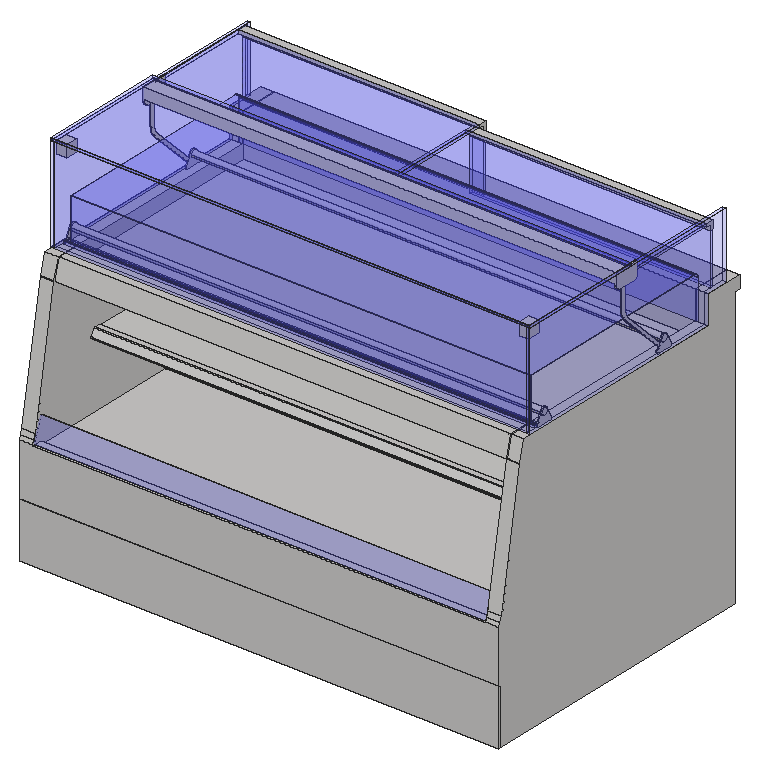
Revit family "Food-Service-Equipment_Oscartek_Gem_Combi-1500Rt_cat", category Specialty Equipment, Revit 2026 (continued)
Automatic sketch dimensions
  Split face 175 sketch curve to Split face 175 sketch curve = 0.8706"
  Split face 175 sketch curve to Split face 175 sketch curve = 0.38203"
  Split face 175 sketch curve to Split face 175 sketch curve = 0.01937"
  Split face 176 sketch curve to Extrusion 33 = 2.4422"
  Split face 176 sketch curve to Split face 176 sketch curve = 0"
  Split face 176 sketch curve to Split face 176 sketch curve = 0.05555"
  Split face 176 sketch curve to Split face 176 sketch curve = 0.09841"  (x2)
  Split face 176 sketch curve to Split face 176 sketch curve = 0.06735"  (x2)
  Split face 176 sketch curve to Split face 176 sketch curve = 0.33675"  (x2)
  Split face 176 sketch curve to Split face 176 sketch curve = 0.01365"
  Split face 176 sketch curve to Extrusion 33 = 23.828"
  Split face 176 sketch curve to Split face 176 sketch curve = 0.05071"
  Split face 176 sketch curve to Split face 176 sketch curve = 0.4014"
  Split face 176 sketch curve to Split face 176 sketch curve = 0.8706"
  Split face 176 sketch curve to Split face 176 sketch curve = 0.38203"
  Split face 176 sketch curve to Split face 176 sketch curve = 0.01937"
  Split face 177 sketch curve to Extrusion 33 = 0.4422"  (x2)
  Split face 177 sketch curve to Extrusion 33 = 0.49775"
  Split face 177 sketch curve to Split face 177 sketch curve = 0.09841"  (x2)
  Split face 177 sketch curve to Split face 177 sketch curve = 0.06735"  (x2)
  Split face 177 sketch curve to Split face 177 sketch curve = 0.33675"  (x2)
  Split face 177 sketch curve to Split face 177 sketch curve = 0.01365"
  Split face 177 sketch curve to Extrusion 33 = 23.828"
  Split face 177 sketch curve to Split face 177 sketch curve = 0.05071"
  Split face 177 sketch curve to Split face 177 sketch curve = 0.4014"
  Split face 177 sketch curve to Split face 177 sketch curve = 0.8706"
  Split face 177 sketch curve to Split face 177 sketch curve = 0.38203"
  Split face 177 sketch curve to Split face 177 sketch curve = 0.01937"
  Split face 178 sketch curve to Extrusion 2 = 9.28595"
  Split face 178 sketch curve to Split face 178 sketch curve = 0"
  Split face 178 sketch curve to Split face 178 sketch curve = 0.05555"
  Split face 178 sketch curve to Split face 178 sketch curve = 0.09841"  (x2)
  Split face 178 sketch curve to Split face 178 sketch curve = 0.06735"  (x2)
  Split face 178 sketch curve to Split face 178 sketch curve = 0.33675"  (x2)
  Split face 178 sketch curve to Split face 178 sketch curve = 0.01365"
  Split face 178 sketch curve to Extrusion 2 = 10.44618"
  Split face 178 sketch curve to Split face 178 sketch curve = 0.05071"
  Split face 178 sketch curve to Split face 178 sketch curve = 0.4014"
  Split face 178 sketch curve to Split face 178 sketch curve = 0.8706"
  Split face 178 sketch curve to Split face 178 sketch curve = 0.38203"
  Split face 178 sketch curve to Split face 178 sketch curve = 0.01937"
  Split face 179 sketch curve to Extrusion 2 = 8.28595"
  Split face 179 sketch curve to Split face 179 sketch curve = 0"
  Split face 179 sketch curve to Split face 179 sketch curve = 0.05555"
  Split face 179 sketch curve to Split face 179 sketch curve = 0.09841"  (x2)
  Split face 179 sketch curve to Split face 179 sketch curve = 0.06735"  (x2)
  Split face 179 sketch curve to Split face 179 sketch curve = 0.33675"  (x2)
  Split face 179 sketch curve to Split face 179 sketch curve = 0.01365"
  Split face 179 sketch curve to Extrusion 2 = 10.44618"
  Split face 179 sketch curve to Split face 179 sketch curve = 0.05071"
  Split face 179 sketch curve to Split face 179 sketch curve = 0.4014"
  Split face 179 sketch curve to Split face 179 sketch curve = 0.8706"
  Split face 179 sketch curve to Split face 179 sketch curve = 0.38203"
  Split face 179 sketch curve to Split face 179 sketch curve = 0.01937"
  Split face 180 sketch curve to Extrusion 2 = 7.28595"
  Split face 180 sketch curve to Split face 180 sketch curve = 0"
  Split face 180 sketch curve to Split face 180 sketch curve = 0.05555"
  Split face 180 sketch curve to Split face 180 sketch curve = 0.09841"  (x2)
  Split face 180 sketch curve to Split face 180 sketch curve = 0.06735"  (x2)
  Split face 180 sketch curve to Split face 180 sketch curve = 0.33675"  (x2)
  Split face 180 sketch curve to Split face 180 sketch curve = 0.01365"
  Split face 180 sketch curve to Extrusion 2 = 10.44618"
  Split face 180 sketch curve to Split face 180 sketch curve = 0.05071"
  Split face 180 sketch curve to Split face 180 sketch curve = 0.4014"
  Split face 180 sketch curve to Split face 180 sketch curve = 0.8706"
  Split face 180 sketch curve to Split face 180 sketch curve = 0.38203"
  Split face 180 sketch curve to Split face 180 sketch curve = 0.01937"
  Split face 181 sketch curve to Extrusion 2 = 6.28595"
  Split face 181 sketch curve to Split face 181 sketch curve = 0"
  Split face 181 sketch curve to Split face 181 sketch curve = 0.05555"
  Split face 181 sketch curve to Split face 181 sketch curve = 0.09841"  (x2)
  Split face 181 sketch curve to Split face 181 sketch curve = 0.06735"  (x2)
  Split face 181 sketch curve to Split face 181 sketch curve = 0.33675"  (x2)
  Split face 181 sketch curve to Split face 181 sketch curve = 0.01365"
  Split face 181 sketch curve to Extrusion 2 = 10.44618"
  Split face 181 sketch curve to Split face 181 sketch curve = 0.05071"
  Split face 181 sketch curve to Split face 181 sketch curve = 0.4014"
  Split face 181 sketch curve to Split face 181 sketch curve = 0.8706"
  Split face 181 sketch curve to Split face 181 sketch curve = 0.38203"
  Split face 181 sketch curve to Split face 181 sketch curve = 0.01937"
  Split face 182 sketch curve to Extrusion 2 = 5.28595"
  Split face 182 sketch curve to Split face 182 sketch curve = 0"
  Split face 182 sketch curve to Split face 182 sketch curve = 0.05555"
  Split face 182 sketch curve to Split face 182 sketch curve = 0.09841"  (x2)
  Split face 182 sketch curve to Split face 182 sketch curve = 0.06735"  (x2)
  Split face 182 sketch curve to Split face 182 sketch curve = 0.33675"  (x2)
  Split face 182 sketch curve to Split face 182 sketch curve = 0.01365"
  Split face 182 sketch curve to Extrusion 2 = 10.44618"
  Split face 182 sketch curve to Split face 182 sketch curve = 0.05071"
  Split face 182 sketch curve to Split face 182 sketch curve = 0.4014"
  Split face 182 sketch curve to Split face 182 sketch curve = 0.8706"
  Split face 182 sketch curve to Split face 182 sketch curve = 0.38203"
  Split face 182 sketch curve to Split face 182 sketch curve = 0.01937"
  Split face 183 sketch curve to Extrusion 2 = 4.28595"
  Split face 183 sketch curve to Split face 183 sketch curve = 0"
  Split face 183 sketch curve to Split face 183 sketch curve = 0.05555"
  Split face 183 sketch curve to Split face 183 sketch curve = 0.09841"  (x2)
  Split face 183 sketch curve to Split face 183 sketch curve = 0.06735"  (x2)
  Split face 183 sketch curve to Split face 183 sketch curve = 0.33675"  (x2)
  Split face 183 sketch curve to Split face 183 sketch curve = 0.01365"
  Split face 183 sketch curve to Extrusion 2 = 10.44618"
  Split face 183 sketch curve to Split face 183 sketch curve = 0.05071"
  Split face 183 sketch curve to Split face 183 sketch curve = 0.4014"
  Split face 183 sketch curve to Split face 183 sketch curve = 0.8706"
  Split face 183 sketch curve to Split face 183 sketch curve = 0.38203"
  Split face 183 sketch curve to Split face 183 sketch curve = 0.01937"
  Split face 184 sketch curve to Extrusion 2 = 3.28595"
  Split face 184 sketch curve to Split face 184 sketch curve = 0"
  Split face 184 sketch curve to Split face 184 sketch curve = 0.05555"
  Split face 184 sketch curve to Split face 184 sketch curve = 0.09841"  (x2)
  Split face 184 sketch curve to Split face 184 sketch curve = 0.06735"  (x2)
  Split face 184 sketch curve to Split face 184 sketch curve = 0.33675"  (x2)
  Split face 184 sketch curve to Split face 184 sketch curve = 0.01365"
  Split face 184 sketch curve to Extrusion 2 = 10.44618"
  Split face 184 sketch curve to Split face 184 sketch curve = 0.05071"
  Split face 184 sketch curve to Split face 184 sketch curve = 0.4014"
  Split face 184 sketch curve to Split face 184 sketch curve = 0.8706"
  Split face 184 sketch curve to Split face 184 sketch curve = 0.38203"
  Split face 184 sketch curve to Split face 184 sketch curve = 0.01937"
  Split face 185 sketch curve to Extrusion 2 = 2.28595"
  Split face 185 sketch curve to Split face 185 sketch curve = 0"
  Split face 185 sketch curve to Split face 185 sketch curve = 0.05555"
  Split face 185 sketch curve to Split face 185 sketch curve = 0.09841"  (x2)
  Split face 185 sketch curve to Split face 185 sketch curve = 0.06735"  (x2)
  Split face 185 sketch curve to Split face 185 sketch curve = 0.33675"  (x2)
  Split face 185 sketch curve to Split face 185 sketch curve = 0.01365"
  Split face 185 sketch curve to Extrusion 2 = 10.44618"
  Split face 185 sketch curve to Split face 185 sketch curve = 0.05071"
  Split face 185 sketch curve to Split face 185 sketch curve = 0.4014"
  Split face 185 sketch curve to Split face 185 sketch curve = 0.8706"
  Split face 185 sketch curve to Split face 185 sketch curve = 0.38203"
  Split face 185 sketch curve to Split face 185 sketch curve = 0.01937"
  Split face 186 sketch curve to Extrusion 2 = 1.28595"
  Split face 186 sketch curve to Split face 186 sketch curve = 0"
  Split face 186 sketch curve to Split face 186 sketch curve = 0.05555"
  Split face 186 sketch curve to Split face 186 sketch curve = 0.09841"  (x2)
  Split face 186 sketch curve to Split face 186 sketch curve = 0.06735"  (x2)
  Split face 186 sketch curve to Split face 186 sketch curve = 0.33675"  (x2)
  Split face 186 sketch curve to Split face 186 sketch curve = 0.01365"
  Split face 186 sketch curve to Extrusion 2 = 10.44618"
  Split face 186 sketch curve to Split face 186 sketch curve = 0.05071"
  Split face 186 sketch curve to Split face 186 sketch curve = 0.4014"
  Split face 186 sketch curve to Split face 186 sketch curve = 0.8706"
  Split face 186 sketch curve to Split face 186 sketch curve = 0.38203"
  Split face 186 sketch curve to Split face 186 sketch curve = 0.01937"
  Split face 187 sketch curve to Extrusion 2 = 0.28595"  (x2)
  Split face 187 sketch curve to Extrusion 2 = 0.3415"
  Split face 187 sketch curve to Split face 187 sketch curve = 0.09841"  (x2)
  Split face 187 sketch curve to Split face 187 sketch curve = 0.06735"  (x2)
  Split face 187 sketch curve to Split face 187 sketch curve = 0.33675"  (x2)
  Split face 187 sketch curve to Split face 187 sketch curve = 0.01365"
  Split face 187 sketch curve to Extrusion 2 = 10.44618"
  Split face 187 sketch curve to Split face 187 sketch curve = 0.05071"
  Split face 187 sketch curve to Split face 187 sketch curve = 0.4014"
  Split face 187 sketch curve to Split face 187 sketch curve = 0.8706"
  Split face 187 sketch curve to Split face 187 sketch curve = 0.38203"
  Split face 187 sketch curve to Split face 187 sketch curve = 0.01937"
  Extrusion 2 to Split face 188 sketch curve = 10.84734"
  Split face 188 sketch curve to Split face 188 sketch curve = 0"
  Split face 188 sketch curve to Split face 188 sketch curve = 0.05555"
  Split face 188 sketch curve to Split face 188 sketch curve = 0.09841"  (x2)
  Split face 188 sketch curve to Split face 188 sketch curve = 0.06735"  (x2)
  Split face 188 sketch curve to Split face 188 sketch curve = 0.33675"  (x2)
  Split face 188 sketch curve to Split face 188 sketch curve = 0.01365"
  Split face 188 sketch curve to Extrusion 2 = 10.44618"
  Split face 188 sketch curve to Split face 188 sketch curve = 0.05071"
  Split face 188 sketch curve to Split face 188 sketch curve = 0.4014"
  Split face 188 sketch curve to Split face 188 sketch curve = 0.8706"
  Split face 188 sketch curve to Split face 188 sketch curve = 0.38203"
  Split face 188 sketch curve to Split face 188 sketch curve = 0.01937"
  Extrusion 2 to Split face 189 sketch curve = 11.84734"
  Split face 189 sketch curve to Split face 189 sketch curve = 0"
  Split face 189 sketch curve to Split face 189 sketch curve = 0.05555"
  Split face 189 sketch curve to Split face 189 sketch curve = 0.09841"  (x2)
  Split face 189 sketch curve to Split face 189 sketch curve = 0.06735"  (x2)
  Split face 189 sketch curve to Split face 189 sketch curve = 0.33675"  (x2)
  Split face 189 sketch curve to Split face 189 sketch curve = 0.01365"
  Split face 189 sketch curve to Extrusion 2 = 10.44618"
  Split face 189 sketch curve to Split face 189 sketch curve = 0.05071"
  Split face 189 sketch curve to Split face 189 sketch curve = 0.4014"
  Split face 189 sketch curve to Split face 189 sketch curve = 0.8706"
  Split face 189 sketch curve to Split face 189 sketch curve = 0.38203"
  Split face 189 sketch curve to Split face 189 sketch curve = 0.01937"
  Extrusion 2 to Split face 190 sketch curve = 12.84734"
  Split face 190 sketch curve to Split face 190 sketch curve = 0"
  Split face 190 sketch curve to Split face 190 sketch curve = 0.05555"
  Split face 190 sketch curve to Split face 190 sketch curve = 0.09841"  (x2)
  Split face 190 sketch curve to Split face 190 sketch curve = 0.06735"  (x2)
  Split face 190 sketch curve to Split face 190 sketch curve = 0.33675"  (x2)
  Split face 190 sketch curve to Split face 190 sketch curve = 0.01365"
  Split face 190 sketch curve to Extrusion 2 = 10.44618"
  Split face 190 sketch curve to Split face 190 sketch curve = 0.05071"
  Split face 190 sketch curve to Split face 190 sketch curve = 0.4014"
  Split face 190 sketch curve to Split face 190 sketch curve = 0.8706"
  Split face 190 sketch curve to Split face 190 sketch curve = 0.38203"
  Split face 190 sketch curve to Split face 190 sketch curve = 0.01937"
  Extrusion 2 to Split face 191 sketch curve = 13.84734"
  Split face 191 sketch curve to Split face 191 sketch curve = 0"
  Split face 191 sketch curve to Split face 191 sketch curve = 0.05555"
  Split face 191 sketch curve to Split face 191 sketch curve = 0.09841"  (x2)
  Split face 191 sketch curve to Split face 191 sketch curve = 0.06735"  (x2)
  Split face 191 sketch curve to Split face 191 sketch curve = 0.33675"  (x2)
  Split face 191 sketch curve to Split face 191 sketch curve = 0.01365"
  Split face 191 sketch curve to Extrusion 2 = 10.44618"
  Split face 191 sketch curve to Split face 191 sketch curve = 0.05071"
  Split face 191 sketch curve to Split face 191 sketch curve = 0.4014"
  Split face 191 sketch curve to Split face 191 sketch curve = 0.8706"
  Split face 191 sketch curve to Split face 191 sketch curve = 0.38203"
  Split face 191 sketch curve to Split face 191 sketch curve = 0.01937"
  Split face 192 sketch curve to Extrusion 2 = 14.28595"
  Split face 192 sketch curve to Split face 192 sketch curve = 0"
  Split face 192 sketch curve to Split face 192 sketch curve = 0.05555"
  Split face 192 sketch curve to Split face 192 sketch curve = 0.09841"  (x2)
  Split face 192 sketch curve to Split face 192 sketch curve = 0.06735"  (x2)
  Split face 192 sketch curve to Split face 192 sketch curve = 0.33675"  (x2)
  Split face 192 sketch curve to Extrusion 2 = 11.96257"
  Split face 192 sketch curve to Split face 192 sketch curve = 0.01365"
  Split face 192 sketch curve to Split face 192 sketch curve = 0.8706"
  Split face 192 sketch curve to Split face 192 sketch curve = 0.38203"  (x2)
  Split face 192 sketch curve to Split face 192 sketch curve = 0.01937"  (x2)
  Split face 193 sketch curve to Extrusion 2 = 13.28595"
  Split face 193 sketch curve to Split face 193 sketch curve = 0"
  Split face 193 sketch curve to Split face 193 sketch curve = 0.05555"
  Split face 193 sketch curve to Split face 193 sketch curve = 0.09841"  (x2)
  Split face 193 sketch curve to Split face 193 sketch curve = 0.06735"  (x2)
  Split face 193 sketch curve to Split face 193 sketch curve = 0.33675"  (x2)
  Split face 193 sketch curve to Split face 193 sketch curve = 0.01365"
  Split face 193 sketch curve to Extrusion 2 = 10.44618"
  Split face 193 sketch curve to Split face 193 sketch curve = 0.05071"
  Split face 193 sketch curve to Split face 193 sketch curve = 0.4014"
  Split face 193 sketch curve to Split face 193 sketch curve = 0.8706"
  Split face 193 sketch curve to Split face 193 sketch curve = 0.38203"
  Split face 193 sketch curve to Split face 193 sketch curve = 0.01937"
  Split face 194 sketch curve to Extrusion 2 = 12.28595"
  Split face 194 sketch curve to Split face 194 sketch curve = 0"
  Split face 194 sketch curve to Split face 194 sketch curve = 0.05555"
  Split face 194 sketch curve to Split face 194 sketch curve = 0.09841"  (x2)
  Split face 194 sketch curve to Split face 194 sketch curve = 0.06735"  (x2)
  Split face 194 sketch curve to Split face 194 sketch curve = 0.33675"  (x2)
  Split face 194 sketch curve to Split face 194 sketch curve = 0.01365"
  Split face 194 sketch curve to Extrusion 2 = 10.44618"
  Split face 194 sketch curve to Split face 194 sketch curve = 0.05071"
  Split face 194 sketch curve to Split face 194 sketch curve = 0.4014"
  Split face 194 sketch curve to Split face 194 sketch curve = 0.8706"
  Split face 194 sketch curve to Split face 194 sketch curve = 0.38203"
  Split face 194 sketch curve to Split face 194 sketch curve = 0.01937"
  Split face 195 sketch curve to Extrusion 2 = 11.28595"
  Split face 195 sketch curve to Split face 195 sketch curve = 0"
  Split face 195 sketch curve to Split face 195 sketch curve = 0.05555"
  Split face 195 sketch curve to Split face 195 sketch curve = 0.09841"  (x2)
  Split face 195 sketch curve to Split face 195 sketch curve = 0.06735"  (x2)
  Split face 195 sketch curve to Split face 195 sketch curve = 0.33675"  (x2)
  Split face 195 sketch curve to Split face 195 sketch curve = 0.01365"
  Split face 195 sketch curve to Extrusion 2 = 10.44618"
  Split face 195 sketch curve to Split face 195 sketch curve = 0.05071"
  Split face 195 sketch curve to Split face 195 sketch curve = 0.4014"
  Split face 195 sketch curve to Split face 195 sketch curve = 0.8706"
  Split face 195 sketch curve to Split face 195 sketch curve = 0.38203"
  Split face 195 sketch curve to Split face 195 sketch curve = 0.01937"
  Split face 196 sketch curve to Extrusion 2 = 10.28595"
  Split face 196 sketch curve to Split face 196 sketch curve = 0"
  Split face 196 sketch curve to Split face 196 sketch curve = 0.05555"
  Split face 196 sketch curve to Split face 196 sketch curve = 0.09841"  (x2)
  Split face 196 sketch curve to Split face 196 sketch curve = 0.06735"  (x2)
  Split face 196 sketch curve to Split face 196 sketch curve = 0.33675"  (x2)
  Split face 196 sketch curve to Split face 196 sketch curve = 0.01365"
  Split face 196 sketch curve to Extrusion 2 = 10.44618"
  Split face 196 sketch curve to Split face 196 sketch curve = 0.05071"
  Split face 196 sketch curve to Split face 196 sketch curve = 0.4014"
  Split face 196 sketch curve to Split face 196 sketch curve = 0.8706"
  Split face 196 sketch curve to Split face 196 sketch curve = 0.38203"
  Split face 196 sketch curve to Split face 196 sketch curve = 0.01937"
  Extrusion 2 to Split face 197 sketch curve = 9.84734"
  Split face 197 sketch curve to Split face 197 sketch curve = 0"
  Split face 197 sketch curve to Split face 197 sketch curve = 0.05555"
  Split face 197 sketch curve to Split face 197 sketch curve = 0.09841"  (x2)
  Split face 197 sketch curve to Split face 197 sketch curve = 0.06735"  (x2)
  Split face 197 sketch curve to Split face 197 sketch curve = 0.33675"  (x2)
  Split face 197 sketch curve to Split face 197 sketch curve = 0.01365"
  Split face 197 sketch curve to Extrusion 2 = 10.44618"
  Split face 197 sketch curve to Split face 197 sketch curve = 0.05071"
  Split face 197 sketch curve to Split face 197 sketch curve = 0.4014"
  Split face 197 sketch curve to Split face 197 sketch curve = 0.8706"
  Split face 197 sketch curve to Split face 197 sketch curve = 0.38203"
  Split face 197 sketch curve to Split face 197 sketch curve = 0.01937"
  Split face 198 sketch curve to Extrusion 2 = 9.28595"
  Split face 198 sketch curve to Split face 198 sketch curve = 0"
  Split face 198 sketch curve to Split face 198 sketch curve = 0.05555"
  Split face 198 sketch curve to Split face 198 sketch curve = 0.09841"  (x2)
  Split face 198 sketch curve to Split face 198 sketch curve = 0.06735"  (x2)
  Split face 198 sketch curve to Split face 198 sketch curve = 0.33675"  (x2)
  Split face 198 sketch curve to Split face 198 sketch curve = 0.01365"
  Split face 198 sketch curve to Extrusion 2 = 12.69618"
  Split face 198 sketch curve to Split face 198 sketch curve = 0.05071"
  Split face 198 sketch curve to Split face 198 sketch curve = 0.4014"
  Split face 198 sketch curve to Split face 198 sketch curve = 0.8706"
  Split face 198 sketch curve to Split face 198 sketch curve = 0.38203"
  Split face 198 sketch curve to Split face 198 sketch curve = 0.01937"
  Split face 199 sketch curve to Extrusion 2 = 8.28595"
  Split face 199 sketch curve to Split face 199 sketch curve = 0"
  Split face 199 sketch curve to Split face 199 sketch curve = 0.05555"
  Split face 199 sketch curve to Split face 199 sketch curve = 0.09841"  (x2)
  Split face 199 sketch curve to Split face 199 sketch curve = 0.06735"  (x2)
  Split face 199 sketch curve to Split face 199 sketch curve = 0.33675"  (x2)
  Split face 199 sketch curve to Split face 199 sketch curve = 0.01365"
  Split face 199 sketch curve to Extrusion 2 = 12.69618"
  Split face 199 sketch curve to Split face 199 sketch curve = 0.05071"
  Split face 199 sketch curve to Split face 199 sketch curve = 0.4014"
  Split face 199 sketch curve to Split face 199 sketch curve = 0.8706"
  Split face 199 sketch curve to Split face 199 sketch curve = 0.38203"
  Split face 199 sketch curve to Split face 199 sketch curve = 0.01937"
  Split face 200 sketch curve to Extrusion 2 = 7.28595"
  Split face 200 sketch curve to Split face 200 sketch curve = 0"
  Split face 200 sketch curve to Split face 200 sketch curve = 0.05555"
  Split face 200 sketch curve to Split face 200 sketch curve = 0.09841"  (x2)
  Split face 200 sketch curve to Split face 200 sketch curve = 0.06735"  (x2)
  Split face 200 sketch curve to Split face 200 sketch curve = 0.33675"  (x2)
  Split face 200 sketch curve to Split face 200 sketch curve = 0.01365"
  Split face 200 sketch curve to Extrusion 2 = 12.69618"
  Split face 200 sketch curve to Split face 200 sketch curve = 0.05071"
  Split face 200 sketch curve to Split face 200 sketch curve = 0.4014"
  Split face 200 sketch curve to Split face 200 sketch curve = 0.8706"
  Split face 200 sketch curve to Split face 200 sketch curve = 0.38203"
  Split face 200 sketch curve to Split face 200 sketch curve = 0.01937"
  Split face 201 sketch curve to Extrusion 2 = 6.28595"
  Split face 201 sketch curve to Split face 201 sketch curve = 0"
  Split face 201 sketch curve to Split face 201 sketch curve = 0.05555"
  Split face 201 sketch curve to Split face 201 sketch curve = 0.09841"  (x2)
  Split face 201 sketch curve to Split face 201 sketch curve = 0.06735"  (x2)
  Split face 201 sketch curve to Split face 201 sketch curve = 0.33675"  (x2)
  Split face 201 sketch curve to Split face 201 sketch curve = 0.01365"
  Split face 201 sketch curve to Extrusion 2 = 12.69618"
  Split face 201 sketch curve to Split face 201 sketch curve = 0.05071"
  Split face 201 sketch curve to Split face 201 sketch curve = 0.4014"
  Split face 201 sketch curve to Split face 201 sketch curve = 0.8706"
  Split face 201 sketch curve to Split face 201 sketch curve = 0.38203"
  Split face 201 sketch curve to Split face 201 sketch curve = 0.01937"
  Split face 202 sketch curve to Extrusion 2 = 5.28595"
  Split face 202 sketch curve to Split face 202 sketch curve = 0"
  Split face 202 sketch curve to Split face 202 sketch curve = 0.05555"
  Split face 202 sketch curve to Split face 202 sketch curve = 0.09841"  (x2)
  Split face 202 sketch curve to Split face 202 sketch curve = 0.06735"  (x2)
  Split face 202 sketch curve to Split face 202 sketch curve = 0.33675"  (x2)
  Split face 202 sketch curve to Split face 202 sketch curve = 0.01365"
  Split face 202 sketch curve to Extrusion 2 = 12.69618"
  Split face 202 sketch curve to Split face 202 sketch curve = 0.05071"
  Split face 202 sketch curve to Split face 202 sketch curve = 0.4014"
  Split face 202 sketch curve to Split face 202 sketch curve = 0.8706"
  Split face 202 sketch curve to Split face 202 sketch curve = 0.38203"
  Split face 202 sketch curve to Split face 202 sketch curve = 0.01937"
  Split face 203 sketch curve to Extrusion 2 = 4.28595"
  Split face 203 sketch curve to Split face 203 sketch curve = 0"
  Split face 203 sketch curve to Split face 203 sketch curve = 0.05555"
  Split face 203 sketch curve to Split face 203 sketch curve = 0.09841"  (x2)
  Split face 203 sketch curve to Split face 203 sketch curve = 0.06735"  (x2)
  Split face 203 sketch curve to Split face 203 sketch curve = 0.33675"  (x2)
  Split face 203 sketch curve to Split face 203 sketch curve = 0.01365"
  Split face 203 sketch curve to Extrusion 2 = 12.69618"
  Split face 203 sketch curve to Split face 203 sketch curve = 0.05071"
  Split face 203 sketch curve to Split face 203 sketch curve = 0.4014"
  Split face 203 sketch curve to Split face 203 sketch curve = 0.8706"
  Split face 203 sketch curve to Split face 203 sketch curve = 0.38203"
  Split face 203 sketch curve to Split face 203 sketch curve = 0.01937"
  Split face 204 sketch curve to Extrusion 2 = 3.28595"
  Split face 204 sketch curve to Split face 204 sketch curve = 0"
  Split face 204 sketch curve to Split face 204 sketch curve = 0.05555"
  Split face 204 sketch curve to Split face 204 sketch curve = 0.09841"  (x2)
  Split face 204 sketch curve to Split face 204 sketch curve = 0.06735"  (x2)
  Split face 204 sketch curve to Split face 204 sketch curve = 0.33675"  (x2)
  Split face 204 sketch curve to Split face 204 sketch curve = 0.01365"
  Split face 204 sketch curve to Extrusion 2 = 12.69618"
  Split face 204 sketch curve to Split face 204 sketch curve = 0.05071"
  Split face 204 sketch curve to Split face 204 sketch curve = 0.4014"
  Split face 204 sketch curve to Split face 204 sketch curve = 0.8706"
  Split face 204 sketch curve to Split face 204 sketch curve = 0.38203"
  Split face 204 sketch curve to Split face 204 sketch curve = 0.01937"
  Split face 205 sketch curve to Extrusion 2 = 2.28595"
  Split face 205 sketch curve to Split face 205 sketch curve = 0"
  Split face 205 sketch curve to Split face 205 sketch curve = 0.05555"
  Split face 205 sketch curve to Split face 205 sketch curve = 0.09841"  (x2)
  Split face 205 sketch curve to Split face 205 sketch curve = 0.06735"  (x2)
  Split face 205 sketch curve to Split face 205 sketch curve = 0.33675"  (x2)
  Split face 205 sketch curve to Split face 205 sketch curve = 0.01365"
  Split face 205 sketch curve to Extrusion 2 = 12.69618"
  Split face 205 sketch curve to Split face 205 sketch curve = 0.05071"
  Split face 205 sketch curve to Split face 205 sketch curve = 0.4014"
  Split face 205 sketch curve to Split face 205 sketch curve = 0.8706"
  Split face 205 sketch curve to Split face 205 sketch curve = 0.38203"
  Split face 205 sketch curve to Split face 205 sketch curve = 0.01937"
  Split face 206 sketch curve to Extrusion 2 = 1.28595"
  Split face 206 sketch curve to Split face 206 sketch curve = 0"
  Split face 206 sketch curve to Split face 206 sketch curve = 0.05555"
  Split face 206 sketch curve to Split face 206 sketch curve = 0.09841"  (x2)
  Split face 206 sketch curve to Split face 206 sketch curve = 0.06735"  (x2)
  Split face 206 sketch curve to Split face 206 sketch curve = 0.33675"  (x2)
  Split face 206 sketch curve to Split face 206 sketch curve = 0.01365"
  Split face 206 sketch curve to Extrusion 2 = 12.69618"
  Split face 206 sketch curve to Split face 206 sketch curve = 0.05071"
  Split face 206 sketch curve to Split face 206 sketch curve = 0.4014"
  Split face 206 sketch curve to Split face 206 sketch curve = 0.8706"
  Split face 206 sketch curve to Split face 206 sketch curve = 0.38203"
  Split face 206 sketch curve to Split face 206 sketch curve = 0.01937"
  Split face 207 sketch curve to Extrusion 2 = 0.28595"  (x2)
  Split face 207 sketch curve to Extrusion 2 = 0.3415"
  Split face 207 sketch curve to Split face 207 sketch curve = 0.09841"  (x2)
  Split face 207 sketch curve to Split face 207 sketch curve = 0.06735"  (x2)
  Split face 207 sketch curve to Split face 207 sketch curve = 0.33675"  (x2)
  Split face 207 sketch curve to Split face 207 sketch curve = 0.01365"
  Split face 207 sketch curve to Extrusion 2 = 12.69618"
  Split face 207 sketch curve to Split face 207 sketch curve = 0.05071"
  Split face 207 sketch curve to Split face 207 sketch curve = 0.4014"
  Split face 207 sketch curve to Split face 207 sketch curve = 0.8706"
  Split face 207 sketch curve to Split face 207 sketch curve = 0.38203"
  Split face 207 sketch curve to Split face 207 sketch curve = 0.01937"
  Extrusion 2 to Split face 208 sketch curve = 10.84734"
  Split face 208 sketch curve to Split face 208 sketch curve = 0"
  Split face 208 sketch curve to Split face 208 sketch curve = 0.05555"
  Split face 208 sketch curve to Split face 208 sketch curve = 0.09841"  (x2)
  Split face 208 sketch curve to Split face 208 sketch curve = 0.06735"  (x2)
  Split face 208 sketch curve to Split face 208 sketch curve = 0.33675"  (x2)
  Split face 208 sketch curve to Split face 208 sketch curve = 0.01365"
  Split face 208 sketch curve to Extrusion 2 = 12.69618"
  Split face 208 sketch curve to Split face 208 sketch curve = 0.05071"
  Split face 208 sketch curve to Split face 208 sketch curve = 0.4014"
  Split face 208 sketch curve to Split face 208 sketch curve = 0.8706"
  Split face 208 sketch curve to Split face 208 sketch curve = 0.38203"
  Split face 208 sketch curve to Split face 208 sketch curve = 0.01937"
  Extrusion 2 to Split face 209 sketch curve = 11.84734"
  Split face 209 sketch curve to Split face 209 sketch curve = 0"
  Split face 209 sketch curve to Split face 209 sketch curve = 0.05555"
  Split face 209 sketch curve to Split face 209 sketch curve = 0.09841"  (x2)
  Split face 209 sketch curve to Split face 209 sketch curve = 0.06735"  (x2)
  Split face 209 sketch curve to Split face 209 sketch curve = 0.33675"  (x2)
  Split face 209 sketch curve to Split face 209 sketch curve = 0.01365"
  Split face 209 sketch curve to Extrusion 2 = 12.69618"
  Split face 209 sketch curve to Split face 209 sketch curve = 0.05071"
  Split face 209 sketch curve to Split face 209 sketch curve = 0.4014"
  Split face 209 sketch curve to Split face 209 sketch curve = 0.8706"
  Split face 209 sketch curve to Split face 209 sketch curve = 0.38203"
  Split face 209 sketch curve to Split face 209 sketch curve = 0.01937"
  Extrusion 2 to Split face 210 sketch curve = 12.84734"
  Split face 210 sketch curve to Split face 210 sketch curve = 0"
  Split face 210 sketch curve to Split face 210 sketch curve = 0.05555"
  Split face 210 sketch curve to Split face 210 sketch curve = 0.09841"  (x2)
  Split face 210 sketch curve to Split face 210 sketch curve = 0.06735"  (x2)
  Split face 210 sketch curve to Split face 210 sketch curve = 0.33675"  (x2)
  Split face 210 sketch curve to Split face 210 sketch curve = 0.01365"
  Split face 210 sketch curve to Extrusion 2 = 12.69618"
  Split face 210 sketch curve to Split face 210 sketch curve = 0.05071"
  Split face 210 sketch curve to Split face 210 sketch curve = 0.4014"
  Split face 210 sketch curve to Split face 210 sketch curve = 0.8706"
  Split face 210 sketch curve to Split face 210 sketch curve = 0.38203"
  Split face 210 sketch curve to Split face 210 sketch curve = 0.01937"
  Extrusion 2 to Split face 211 sketch curve = 13.84734"
  Split face 211 sketch curve to Split face 211 sketch curve = 0"
  Split face 211 sketch curve to Split face 211 sketch curve = 0.05555"
  Split face 211 sketch curve to Split face 211 sketch curve = 0.09841"  (x2)
  Split face 211 sketch curve to Split face 211 sketch curve = 0.06735"  (x2)
  Split face 211 sketch curve to Split face 211 sketch curve = 0.33675"  (x2)
  Split face 211 sketch curve to Split face 211 sketch curve = 0.01365"
  Split face 211 sketch curve to Extrusion 2 = 12.69618"
  Split face 211 sketch curve to Split face 211 sketch curve = 0.05071"
  Split face 211 sketch curve to Split face 211 sketch curve = 0.4014"
  Split face 211 sketch curve to Split face 211 sketch curve = 0.8706"
  Split face 211 sketch curve to Split face 211 sketch curve = 0.38203"
  Split face 211 sketch curve to Split face 211 sketch curve = 0.01937"
  Split face 212 sketch curve to Extrusion 2 = 14.28595"
  Split face 212 sketch curve to Split face 212 sketch curve = 0"
  Split face 212 sketch curve to Split face 212 sketch curve = 0.05555"
  Split face 212 sketch curve to Split face 212 sketch curve = 0.09841"  (x2)
  Split face 212 sketch curve to Split face 212 sketch curve = 0.06735"  (x2)
  Split face 212 sketch curve to Split face 212 sketch curve = 0.33675"  (x2)
  Split face 212 sketch curve to Split face 212 sketch curve = 0.01365"
  Split face 212 sketch curve to Extrusion 2 = 12.69618"
  Split face 212 sketch curve to Split face 212 sketch curve = 0.05071"
  Split face 212 sketch curve to Split face 212 sketch curve = 0.4014"
  Split face 212 sketch curve to Split face 212 sketch curve = 0.8706"
  Split face 212 sketch curve to Split face 212 sketch curve = 0.38203"
  Split face 212 sketch curve to Split face 212 sketch curve = 0.01937"
  Split face 213 sketch curve to Extrusion 2 = 13.28595"
  Split face 213 sketch curve to Split face 213 sketch curve = 0"
  Split face 213 sketch curve to Split face 213 sketch curve = 0.05555"
  Split face 213 sketch curve to Split face 213 sketch curve = 0.09841"  (x2)
  Split face 213 sketch curve to Split face 213 sketch curve = 0.06735"  (x2)
  Split face 213 sketch curve to Split face 213 sketch curve = 0.33675"  (x2)
  Split face 213 sketch curve to Split face 213 sketch curve = 0.01365"
  Split face 213 sketch curve to Extrusion 2 = 12.69618"
  Split face 213 sketch curve to Split face 213 sketch curve = 0.05071"
  Split face 213 sketch curve to Split face 213 sketch curve = 0.4014"
  Split face 213 sketch curve to Split face 213 sketch curve = 0.8706"
  Split face 213 sketch curve to Split face 213 sketch curve = 0.38203"
  Split face 213 sketch curve to Split face 213 sketch curve = 0.01937"
  Split face 214 sketch curve to Extrusion 2 = 12.28595"
  Split face 214 sketch curve to Split face 214 sketch curve = 0"
  Split face 214 sketch curve to Split face 214 sketch curve = 0.05555"
  Split face 214 sketch curve to Split face 214 sketch curve = 0.09841"  (x2)
  Split face 214 sketch curve to Split face 214 sketch curve = 0.06735"  (x2)
  Split face 214 sketch curve to Split face 214 sketch curve = 0.33675"  (x2)
  Split face 214 sketch curve to Split face 214 sketch curve = 0.01365"
  Split face 214 sketch curve to Extrusion 2 = 12.69618"
  Split face 214 sketch curve to Split face 214 sketch curve = 0.05071"
  Split face 214 sketch curve to Split face 214 sketch curve = 0.4014"
  Split face 214 sketch curve to Split face 214 sketch curve = 0.8706"
  Split face 214 sketch curve to Split face 214 sketch curve = 0.38203"
  Split face 214 sketch curve to Split face 214 sketch curve = 0.01937"
  Split face 215 sketch curve to Extrusion 2 = 11.28595"
  Split face 215 sketch curve to Split face 215 sketch curve = 0"
  Split face 215 sketch curve to Split face 215 sketch curve = 0.05555"
  Split face 215 sketch curve to Split face 215 sketch curve = 0.09841"  (x2)
  Split face 215 sketch curve to Split face 215 sketch curve = 0.06735"  (x2)
  Split face 215 sketch curve to Split face 215 sketch curve = 0.33675"  (x2)
  Split face 215 sketch curve to Split face 215 sketch curve = 0.01365"
  Split face 215 sketch curve to Extrusion 2 = 12.69618"
  Split face 215 sketch curve to Split face 215 sketch curve = 0.05071"
  Split face 215 sketch curve to Split face 215 sketch curve = 0.4014"
  Split face 215 sketch curve to Split face 215 sketch curve = 0.8706"
  Split face 215 sketch curve to Split face 215 sketch curve = 0.38203"
  Split face 215 sketch curve to Split face 215 sketch curve = 0.01937"
  Split face 216 sketch curve to Extrusion 2 = 10.28595"
  Split face 216 sketch curve to Split face 216 sketch curve = 0"
  Split face 216 sketch curve to Split face 216 sketch curve = 0.05555"
  Split face 216 sketch curve to Split face 216 sketch curve = 0.09841"  (x2)
  Split face 216 sketch curve to Split face 216 sketch curve = 0.06735"  (x2)
  Split face 216 sketch curve to Split face 216 sketch curve = 0.33675"  (x2)
  Split face 216 sketch curve to Split face 216 sketch curve = 0.01365"
  Split face 216 sketch curve to Extrusion 2 = 12.69618"
  Split face 216 sketch curve to Split face 216 sketch curve = 0.05071"
  Split face 216 sketch curve to Split face 216 sketch curve = 0.4014"
  Split face 216 sketch curve to Split face 216 sketch curve = 0.8706"
  Split face 216 sketch curve to Split face 216 sketch curve = 0.38203"
  Split face 216 sketch curve to Split face 216 sketch curve = 0.01937"
  Extrusion 2 to Split face 217 sketch curve = 9.84734"
  Split face 217 sketch curve to Split face 217 sketch curve = 0"
  Split face 217 sketch curve to Split face 217 sketch curve = 0.05555"
  Split face 217 sketch curve to Split face 217 sketch curve = 0.09841"  (x2)
  Split face 217 sketch curve to Split face 217 sketch curve = 0.06735"  (x2)
  Split face 217 sketch curve to Split face 217 sketch curve = 0.33675"  (x2)
  Split face 217 sketch curve to Split face 217 sketch curve = 0.01365"
  Split face 217 sketch curve to Extrusion 2 = 12.69618"
  Split face 217 sketch curve to Split face 217 sketch curve = 0.05071"
  Split face 217 sketch curve to Split face 217 sketch curve = 0.4014"
  Split face 217 sketch curve to Split face 217 sketch curve = 0.8706"
  Split face 217 sketch curve to Split face 217 sketch curve = 0.38203"
  Split face 217 sketch curve to Split face 217 sketch curve = 0.01937"
  Split face 218 sketch curve to Extrusion 2 = 9.28595"
  Split face 218 sketch curve to Split face 218 sketch curve = 0"
  Split face 218 sketch curve to Split face 218 sketch curve = 0.05555"
  Split face 218 sketch curve to Split face 218 sketch curve = 0.09841"  (x2)
  Split face 218 sketch curve to Split face 218 sketch curve = 0.06735"  (x2)
  Split face 218 sketch curve to Split face 218 sketch curve = 0.33675"  (x2)
  Split face 218 sketch curve to Split face 218 sketch curve = 0.01365"
  Split face 218 sketch curve to Extrusion 2 = 17.02922"
  Split face 218 sketch curve to Split face 218 sketch curve = 0.05071"
  Split face 218 sketch curve to Split face 218 sketch curve = 0.4014"
  Split face 218 sketch curve to Split face 218 sketch curve = 0.8706"
  Split face 218 sketch curve to Split face 218 sketch curve = 0.38203"
  Split face 218 sketch curve to Split face 218 sketch curve = 0.01937"
  Split face 219 sketch curve to Extrusion 2 = 8.28595"
  Split face 219 sketch curve to Split face 219 sketch curve = 0"
  Split face 219 sketch curve to Split face 219 sketch curve = 0.05555"
  Split face 219 sketch curve to Split face 219 sketch curve = 0.09841"  (x2)
  Split face 219 sketch curve to Split face 219 sketch curve = 0.06735"  (x2)
  Split face 219 sketch curve to Split face 219 sketch curve = 0.33675"  (x2)
  Split face 219 sketch curve to Split face 219 sketch curve = 0.01365"
  Split face 219 sketch curve to Extrusion 2 = 17.02922"
  Split face 219 sketch curve to Split face 219 sketch curve = 0.05071"
  Split face 219 sketch curve to Split face 219 sketch curve = 0.4014"
  Split face 219 sketch curve to Split face 219 sketch curve = 0.8706"
  Split face 219 sketch curve to Split face 219 sketch curve = 0.38203"
  Split face 219 sketch curve to Split face 219 sketch curve = 0.01937"
  Split face 220 sketch curve to Extrusion 2 = 7.28595"
  Split face 220 sketch curve to Split face 220 sketch curve = 0"
  Split face 220 sketch curve to Split face 220 sketch curve = 0.05555"
  Split face 220 sketch curve to Split face 220 sketch curve = 0.09841"  (x2)
  Split face 220 sketch curve to Split face 220 sketch curve = 0.06735"  (x2)
  Split face 220 sketch curve to Split face 220 sketch curve = 0.33675"  (x2)
  Split face 220 sketch curve to Split face 220 sketch curve = 0.01365"
  Split face 220 sketch curve to Extrusion 2 = 17.02922"
  Split face 220 sketch curve to Split face 220 sketch curve = 0.05071"
  Split face 220 sketch curve to Split face 220 sketch curve = 0.4014"
  Split face 220 sketch curve to Split face 220 sketch curve = 0.8706"
  Split face 220 sketch curve to Split face 220 sketch curve = 0.38203"
  Split face 220 sketch curve to Split face 220 sketch curve = 0.01937"
  Split face 221 sketch curve to Extrusion 2 = 6.28595"
  Split face 221 sketch curve to Split face 221 sketch curve = 0"
  Split face 221 sketch curve to Split face 221 sketch curve = 0.05555"
  Split face 221 sketch curve to Split face 221 sketch curve = 0.09841"  (x2)
  Split face 221 sketch curve to Split face 221 sketch curve = 0.06735"  (x2)
  Split face 221 sketch curve to Split face 221 sketch curve = 0.33675"  (x2)
  Split face 221 sketch curve to Split face 221 sketch curve = 0.01365"
  Split face 221 sketch curve to Extrusion 2 = 17.02922"
  Split face 221 sketch curve to Split face 221 sketch curve = 0.05071"
  Split face 221 sketch curve to Split face 221 sketch curve = 0.4014"
  Split face 221 sketch curve to Split face 221 sketch curve = 0.8706"
  Split face 221 sketch curve to Split face 221 sketch curve = 0.38203"
  Split face 221 sketch curve to Split face 221 sketch curve = 0.01937"
  Split face 222 sketch curve to Extrusion 2 = 5.28595"
  Split face 222 sketch curve to Split face 222 sketch curve = 0"
  Split face 222 sketch curve to Split face 222 sketch curve = 0.05555"
  Split face 222 sketch curve to Split face 222 sketch curve = 0.09841"  (x2)
  Split face 222 sketch curve to Split face 222 sketch curve = 0.06735"  (x2)
  Split face 222 sketch curve to Split face 222 sketch curve = 0.33675"  (x2)
  Split face 222 sketch curve to Split face 222 sketch curve = 0.01365"
  Split face 222 sketch curve to Extrusion 2 = 17.02922"
  Split face 222 sketch curve to Split face 222 sketch curve = 0.05071"
  Split face 222 sketch curve to Split face 222 sketch curve = 0.4014"
  Split face 222 sketch curve to Split face 222 sketch curve = 0.8706"
  Split face 222 sketch curve to Split face 222 sketch curve = 0.38203"
  Split face 222 sketch curve to Split face 222 sketch curve = 0.01937"
  Split face 223 sketch curve to Extrusion 2 = 4.28595"
  Split face 223 sketch curve to Split face 223 sketch curve = 0"
  Split face 223 sketch curve to Split face 223 sketch curve = 0.05555"
  Split face 223 sketch curve to Split face 223 sketch curve = 0.09841"  (x2)
  Split face 223 sketch curve to Split face 223 sketch curve = 0.06735"  (x2)
  Split face 223 sketch curve to Split face 223 sketch curve = 0.33675"  (x2)
  Split face 223 sketch curve to Split face 223 sketch curve = 0.01365"
  Split face 223 sketch curve to Extrusion 2 = 17.02922"
  Split face 223 sketch curve to Split face 223 sketch curve = 0.05071"
  Split face 223 sketch curve to Split face 223 sketch curve = 0.4014"
  Split face 223 sketch curve to Split face 223 sketch curve = 0.8706"
  Split face 223 sketch curve to Split face 223 sketch curve = 0.38203"
  Split face 223 sketch curve to Split face 223 sketch curve = 0.01937"
  Split face 224 sketch curve to Extrusion 2 = 3.28595"
  Split face 224 sketch curve to Split face 224 sketch curve = 0"
  Split face 224 sketch curve to Split face 224 sketch curve = 0.05555"
  Split face 224 sketch curve to Split face 224 sketch curve = 0.09841"  (x2)
  Split face 224 sketch curve to Split face 224 sketch curve = 0.06735"  (x2)
  Split face 224 sketch curve to Split face 224 sketch curve = 0.33675"  (x2)
  Split face 224 sketch curve to Split face 224 sketch curve = 0.01365"
  Split face 224 sketch curve to Extrusion 2 = 17.02922"
  Split face 224 sketch curve to Split face 224 sketch curve = 0.05071"
  Split face 224 sketch curve to Split face 224 sketch curve = 0.4014"
  Split face 224 sketch curve to Split face 224 sketch curve = 0.8706"
  Split face 224 sketch curve to Split face 224 sketch curve = 0.38203"
  Split face 224 sketch curve to Split face 224 sketch curve = 0.01937"
  Split face 225 sketch curve to Extrusion 2 = 2.28595"
  Split face 225 sketch curve to Split face 225 sketch curve = 0"
  Split face 225 sketch curve to Split face 225 sketch curve = 0.05555"
  Split face 225 sketch curve to Split face 225 sketch curve = 0.09841"  (x2)
  Split face 225 sketch curve to Split face 225 sketch curve = 0.06735"  (x2)
  Split face 225 sketch curve to Split face 225 sketch curve = 0.33675"  (x2)
  Split face 225 sketch curve to Split face 225 sketch curve = 0.01365"
  Split face 225 sketch curve to Extrusion 2 = 17.02922"
  Split face 225 sketch curve to Split face 225 sketch curve = 0.05071"
  Split face 225 sketch curve to Split face 225 sketch curve = 0.4014"
  Split face 225 sketch curve to Split face 225 sketch curve = 0.8706"
  Split face 225 sketch curve to Split face 225 sketch curve = 0.38203"
  Split face 225 sketch curve to Split face 225 sketch curve = 0.01937"
  Split face 226 sketch curve to Extrusion 2 = 1.28595"
  Split face 226 sketch curve to Split face 226 sketch curve = 0"
  Split face 226 sketch curve to Split face 226 sketch curve = 0.05555"
  Split face 226 sketch curve to Split face 226 sketch curve = 0.09841"  (x2)
  Split face 226 sketch curve to Split face 226 sketch curve = 0.06735"  (x2)
  Split face 226 sketch curve to Split face 226 sketch curve = 0.33675"  (x2)
  Split face 226 sketch curve to Split face 226 sketch curve = 0.01365"
  Split face 226 sketch curve to Extrusion 2 = 17.02922"
  Split face 226 sketch curve to Split face 226 sketch curve = 0.05071"
  Split face 226 sketch curve to Split face 226 sketch curve = 0.4014"
  Split face 226 sketch curve to Split face 226 sketch curve = 0.8706"
  Split face 226 sketch curve to Split face 226 sketch curve = 0.38203"
  Split face 226 sketch curve to Split face 226 sketch curve = 0.01937"
  Split face 227 sketch curve to Extrusion 2 = 0.28595"  (x2)
  Split face 227 sketch curve to Extrusion 2 = 0.3415"
  Split face 227 sketch curve to Split face 227 sketch curve = 0.09841"  (x2)
  Split face 227 sketch curve to Split face 227 sketch curve = 0.06735"  (x2)
  Split face 227 sketch curve to Split face 227 sketch curve = 0.33675"  (x2)
  Split face 227 sketch curve to Split face 227 sketch curve = 0.01365"
  Split face 227 sketch curve to Extrusion 2 = 17.02922"
  Split face 227 sketch curve to Split face 227 sketch curve = 0.05071"
  Split face 227 sketch curve to Split face 227 sketch curve = 0.4014"
  Split face 227 sketch curve to Split face 227 sketch curve = 0.8706"
  Split face 227 sketch curve to Split face 227 sketch curve = 0.38203"
  Split face 227 sketch curve to Split face 227 sketch curve = 0.01937"
  Split face 228 sketch curve to Extrusion 2 = 10.28595"
  Split face 228 sketch curve to Split face 228 sketch curve = 0"
  Split face 228 sketch curve to Split face 228 sketch curve = 0.05555"
  Split face 228 sketch curve to Split face 228 sketch curve = 0.09841"  (x2)
  Split face 228 sketch curve to Split face 228 sketch curve = 0.06735"  (x2)
  Split face 228 sketch curve to Split face 228 sketch curve = 0.33675"  (x2)
  Split face 228 sketch curve to Split face 228 sketch curve = 0.01365"
  Split face 228 sketch curve to Extrusion 2 = 17.02922"
  Split face 228 sketch curve to Split face 228 sketch curve = 0.05071"
  Split face 228 sketch curve to Split face 228 sketch curve = 0.4014"
  Split face 228 sketch curve to Split face 228 sketch curve = 0.8706"
  Split face 228 sketch curve to Split face 228 sketch curve = 0.38203"
  Split face 228 sketch curve to Split face 228 sketch curve = 0.01937"
  Split face 229 sketch curve to Extrusion 33 = 1.4422"
  Split face 229 sketch curve to Split face 229 sketch curve = 0"
  Split face 229 sketch curve to Split face 229 sketch curve = 0.05555"
  Split face 229 sketch curve to Split face 229 sketch curve = 0.09841"  (x2)
  Split face 229 sketch curve to Split face 229 sketch curve = 0.06735"  (x2)
  Split face 229 sketch curve to Split face 229 sketch curve = 0.33675"  (x2)
  Split face 229 sketch curve to Split face 229 sketch curve = 0.01365"
  Split face 229 sketch curve to Extrusion 33 = 26.078"
  Split face 229 sketch curve to Split face 229 sketch curve = 0.05071"
  Split face 229 sketch curve to Split face 229 sketch curve = 0.4014"
  Split face 229 sketch curve to Split face 229 sketch curve = 0.8706"
  Split face 229 sketch curve to Split face 229 sketch curve = 0.38203"
  Split face 229 sketch curve to Split face 229 sketch curve = 0.01937"
  Split face 230 sketch curve to Extrusion 33 = 2.4422"
  Split face 230 sketch curve to Split face 230 sketch curve = 0"
  Split face 230 sketch curve to Split face 230 sketch curve = 0.05555"
  Split face 230 sketch curve to Split face 230 sketch curve = 0.09841"  (x2)
  Split face 230 sketch curve to Split face 230 sketch curve = 0.06735"  (x2)
  Split face 230 sketch curve to Split face 230 sketch curve = 0.33675"  (x2)
  Split face 230 sketch curve to Split face 230 sketch curve = 0.01365"
  Split face 230 sketch curve to Extrusion 33 = 26.078"
  Split face 230 sketch curve to Split face 230 sketch curve = 0.05071"
  Split face 230 sketch curve to Split face 230 sketch curve = 0.4014"
  Split face 230 sketch curve to Split face 230 sketch curve = 0.8706"
  Split face 230 sketch curve to Split face 230 sketch curve = 0.38203"
  Split face 230 sketch curve to Split face 230 sketch curve = 0.01937"
  Split face 231 sketch curve to Extrusion 33 = 0.4422"  (x2)
  Split face 231 sketch curve to Extrusion 33 = 0.49775"
  Split face 231 sketch curve to Split face 231 sketch curve = 0.09841"  (x2)
  Split face 231 sketch curve to Split face 231 sketch curve = 0.06735"  (x2)
  Split face 231 sketch curve to Split face 231 sketch curve = 0.33675"  (x2)
  Split face 231 sketch curve to Split face 231 sketch curve = 0.01365"
  Split face 231 sketch curve to Extrusion 33 = 26.078"
  Split face 231 sketch curve to Split face 231 sketch curve = 0.05071"
  Split face 231 sketch curve to Split face 231 sketch curve = 0.4014"
  Split face 231 sketch curve to Split face 231 sketch curve = 0.8706"
  Split face 231 sketch curve to Split face 231 sketch curve = 0.38203"
  Split face 231 sketch curve to Split face 231 sketch curve = 0.01937"
  Split face 232 sketch curve to Extrusion 33 = 1.4422"
  Split face 232 sketch curve to Split face 232 sketch curve = 0"
  Split face 232 sketch curve to Split face 232 sketch curve = 0.05555"
  Split face 232 sketch curve to Split face 232 sketch curve = 0.09841"  (x2)
  Split face 232 sketch curve to Split face 232 sketch curve = 0.06735"  (x2)
  Split face 232 sketch curve to Split face 232 sketch curve = 0.33675"  (x2)
  Split face 232 sketch curve to Split face 232 sketch curve = 0.01365"
  Split face 232 sketch curve to Extrusion 33 = 28.328"
  Split face 232 sketch curve to Split face 232 sketch curve = 0.05071"
  Split face 232 sketch curve to Split face 232 sketch curve = 0.4014"
  Split face 232 sketch curve to Split face 232 sketch curve = 0.8706"
  Split face 232 sketch curve to Split face 232 sketch curve = 0.38203"
  Split face 232 sketch curve to Split face 232 sketch curve = 0.01937"
  Split face 233 sketch curve to Extrusion 33 = 2.4422"
  Split face 233 sketch curve to Split face 233 sketch curve = 0"
  Split face 233 sketch curve to Split face 233 sketch curve = 0.05555"
  Split face 233 sketch curve to Split face 233 sketch curve = 0.09841"  (x2)
  Split face 233 sketch curve to Split face 233 sketch curve = 0.06735"  (x2)
  Split face 233 sketch curve to Split face 233 sketch curve = 0.33675"  (x2)
  Split face 233 sketch curve to Split face 233 sketch curve = 0.01365"
  Split face 233 sketch curve to Extrusion 33 = 28.328"
  Split face 233 sketch curve to Split face 233 sketch curve = 0.05071"
  Split face 233 sketch curve to Split face 233 sketch curve = 0.4014"
  Split face 233 sketch curve to Split face 233 sketch curve = 0.8706"
  Split face 233 sketch curve to Split face 233 sketch curve = 0.38203"
  Split face 233 sketch curve to Split face 233 sketch curve = 0.01937"
  Split face 234 sketch curve to Extrusion 33 = 0.4422"  (x2)
  Split face 234 sketch curve to Extrusion 33 = 0.49775"
  Split face 234 sketch curve to Split face 234 sketch curve = 0.09841"  (x2)
  Split face 234 sketch curve to Split face 234 sketch curve = 0.06735"  (x2)
  Split face 234 sketch curve to Split face 234 sketch curve = 0.33675"  (x2)
  Split face 234 sketch curve to Split face 234 sketch curve = 0.01365"
  Split face 234 sketch curve to Extrusion 33 = 28.328"
  Split face 234 sketch curve to Split face 234 sketch curve = 0.05071"
  Split face 234 sketch curve to Split face 234 sketch curve = 0.4014"
  Split face 234 sketch curve to Split face 234 sketch curve = 0.8706"
  Split face 234 sketch curve to Split face 234 sketch curve = 0.38203"
  Split face 234 sketch curve to Split face 234 sketch curve = 0.01937"
  Split face 235 sketch curve to Extrusion 33 = 1.4422"
  Split face 235 sketch curve to Split face 235 sketch curve = 0"
  Split face 235 sketch curve to Split face 235 sketch curve = 0.05555"
  Split face 235 sketch curve to Split face 235 sketch curve = 0.09841"  (x2)
  Split face 235 sketch curve to Split face 235 sketch curve = 0.06735"  (x2)
  Split face 235 sketch curve to Split face 235 sketch curve = 0.33675"  (x2)
  Split face 235 sketch curve to Split face 235 sketch curve = 0.01365"
  Split face 235 sketch curve to Extrusion 33 = 28.6095"
  Split face 235 sketch curve to Split face 235 sketch curve = 0.05071"
  Split face 235 sketch curve to Split face 235 sketch curve = 0.4014"
  Split face 235 sketch curve to Split face 235 sketch curve = 0.8706"
  Split face 235 sketch curve to Split face 235 sketch curve = 0.38203"
  Split face 235 sketch curve to Split face 235 sketch curve = 0.01937"
  Split face 236 sketch curve to Extrusion 33 = 2.4422"
  Split face 236 sketch curve to Split face 236 sketch curve = 0"
  Split face 236 sketch curve to Split face 236 sketch curve = 0.05555"
  Split face 236 sketch curve to Split face 236 sketch curve = 0.09841"  (x2)
  Split face 236 sketch curve to Split face 236 sketch curve = 0.06735"  (x2)
  Split face 236 sketch curve to Split face 236 sketch curve = 0.33675"  (x2)
  Split face 236 sketch curve to Split face 236 sketch curve = 0.01365"
  Split face 236 sketch curve to Extrusion 33 = 28.6095"
  Split face 236 sketch curve to Split face 236 sketch curve = 0.05071"
  Split face 236 sketch curve to Split face 236 sketch curve = 0.4014"
  Split face 236 sketch curve to Split face 236 sketch curve = 0.8706"
  Split face 236 sketch curve to Split face 236 sketch curve = 0.38203"
  Split face 236 sketch curve to Split face 236 sketch curve = 0.01937"
  Split face 237 sketch curve to Extrusion 33 = 0.4422"  (x2)
  Split face 237 sketch curve to Extrusion 33 = 0.49775"
  Split face 237 sketch curve to Split face 237 sketch curve = 0.09841"  (x2)
  Split face 237 sketch curve to Split face 237 sketch curve = 0.06735"  (x2)
  Split face 237 sketch curve to Split face 237 sketch curve = 0.33675"  (x2)
  Split face 237 sketch curve to Split face 237 sketch curve = 0.01365"
  Split face 237 sketch curve to Extrusion 33 = 28.6095"
  Split face 237 sketch curve to Split face 237 sketch curve = 0.05071"
  Split face 237 sketch curve to Split face 237 sketch curve = 0.4014"
  Split face 237 sketch curve to Split face 237 sketch curve = 0.8706"
  Split face 237 sketch curve to Split face 237 sketch curve = 0.38203"
  Split face 237 sketch curve to Split face 237 sketch curve = 0.01937"
  Split face 238 sketch curve to Extrusion 33 = 1.4422"
  Split face 238 sketch curve to Split face 238 sketch curve = 0"
  Split face 238 sketch curve to Split face 238 sketch curve = 0.05555"
  Split face 238 sketch curve to Split face 238 sketch curve = 0.09841"  (x2)
  Split face 238 sketch curve to Split face 238 sketch curve = 0.06735"  (x2)
  Split face 238 sketch curve to Split face 238 sketch curve = 0.33675"  (x2)
  Split face 238 sketch curve to Split face 238 sketch curve = 0.01365"
  Split face 238 sketch curve to Extrusion 33 = 26.3595"
  Split face 238 sketch curve to Split face 238 sketch curve = 0.05071"
  Split face 238 sketch curve to Split face 238 sketch curve = 0.4014"
  Split face 238 sketch curve to Split face 238 sketch curve = 0.8706"
  Split face 238 sketch curve to Split face 238 sketch curve = 0.38203"
  Split face 238 sketch curve to Split face 238 sketch curve = 0.01937"
  Split face 239 sketch curve to Extrusion 33 = 2.4422"
  Split face 239 sketch curve to Split face 239 sketch curve = 0"
  Split face 239 sketch curve to Split face 239 sketch curve = 0.05555"
  Split face 239 sketch curve to Split face 239 sketch curve = 0.09841"  (x2)
  Split face 239 sketch curve to Split face 239 sketch curve = 0.06735"  (x2)
  Split face 239 sketch curve to Split face 239 sketch curve = 0.33675"  (x2)
  Split face 239 sketch curve to Split face 239 sketch curve = 0.01365"
  Split face 239 sketch curve to Extrusion 33 = 26.3595"
  Split face 239 sketch curve to Split face 239 sketch curve = 0.05071"
  Split face 239 sketch curve to Split face 239 sketch curve = 0.4014"
  Split face 239 sketch curve to Split face 239 sketch curve = 0.8706"
  Split face 239 sketch curve to Split face 239 sketch curve = 0.38203"
  Split face 239 sketch curve to Split face 239 sketch curve = 0.01937"
  Split face 240 sketch curve to Extrusion 33 = 0.4422"  (x2)
  Split face 240 sketch curve to Extrusion 33 = 0.49775"
  Split face 240 sketch curve to Split face 240 sketch curve = 0.09841"  (x2)
  Split face 240 sketch curve to Split face 240 sketch curve = 0.06735"  (x2)
  Split face 240 sketch curve to Split face 240 sketch curve = 0.33675"  (x2)
  Split face 240 sketch curve to Split face 240 sketch curve = 0.01365"
  Split face 240 sketch curve to Extrusion 33 = 26.3595"
  Split face 240 sketch curve to Split face 240 sketch curve = 0.05071"
  Split face 240 sketch curve to Split face 240 sketch curve = 0.4014"
  Split face 240 sketch curve to Split face 240 sketch curve = 0.8706"
  Split face 240 sketch curve to Split face 240 sketch curve = 0.38203"
  Split face 240 sketch curve to Split face 240 sketch curve = 0.01937"
  Split face 241 sketch curve to Extrusion 33 = 1.4422"
  Split face 241 sketch curve to Split face 241 sketch curve = 0"
  Split face 241 sketch curve to Split face 241 sketch curve = 0.05555"
  Split face 241 sketch curve to Split face 241 sketch curve = 0.09841"  (x2)
  Split face 241 sketch curve to Split face 241 sketch curve = 0.06735"  (x2)
  Split face 241 sketch curve to Split face 241 sketch curve = 0.33675"  (x2)
  Split face 241 sketch curve to Split face 241 sketch curve = 0.01365"
  Split face 241 sketch curve to Extrusion 33 = 24.1095"
  Split face 241 sketch curve to Split face 241 sketch curve = 0.05071"
  Split face 241 sketch curve to Split face 241 sketch curve = 0.4014"
  Split face 241 sketch curve to Split face 241 sketch curve = 0.8706"
  Split face 241 sketch curve to Split face 241 sketch curve = 0.38203"
  Split face 241 sketch curve to Split face 241 sketch curve = 0.01937"
  Split face 242 sketch curve to Extrusion 33 = 2.4422"
  Split face 242 sketch curve to Split face 242 sketch curve = 0"
  Split face 242 sketch curve to Split face 242 sketch curve = 0.05555"
  Split face 242 sketch curve to Split face 242 sketch curve = 0.09841"  (x2)
  Split face 242 sketch curve to Split face 242 sketch curve = 0.06735"  (x2)
  Split face 242 sketch curve to Split face 242 sketch curve = 0.33675"  (x2)
  Split face 242 sketch curve to Split face 242 sketch curve = 0.01365"
  Split face 242 sketch curve to Extrusion 33 = 24.1095"
  Split face 242 sketch curve to Split face 242 sketch curve = 0.05071"
  Split face 242 sketch curve to Split face 242 sketch curve = 0.4014"
  Split face 242 sketch curve to Split face 242 sketch curve = 0.8706"
  Split face 242 sketch curve to Split face 242 sketch curve = 0.38203"
  Split face 242 sketch curve to Split face 242 sketch curve = 0.01937"
  Split face 243 sketch curve to Extrusion 33 = 0.4422"  (x2)
  Split face 243 sketch curve to Extrusion 33 = 0.49775"
  Split face 243 sketch curve to Split face 243 sketch curve = 0.09841"  (x2)
  Split face 243 sketch curve to Split face 243 sketch curve = 0.06735"  (x2)
  Split face 243 sketch curve to Split face 243 sketch curve = 0.33675"  (x2)
  Split face 243 sketch curve to Split face 243 sketch curve = 0.01365"
  Split face 243 sketch curve to Extrusion 33 = 24.1095"
  Split face 243 sketch curve to Split face 243 sketch curve = 0.05071"
  Split face 243 sketch curve to Split face 243 sketch curve = 0.4014"
  Split face 243 sketch curve to Split face 243 sketch curve = 0.8706"
  Split face 243 sketch curve to Split face 243 sketch curve = 0.38203"
  Split face 243 sketch curve to Split face 243 sketch curve = 0.01937"
  Split face 244 sketch curve to Extrusion 33 = 1.4422"
  Split face 244 sketch curve to Split face 244 sketch curve = 0"
  Split face 244 sketch curve to Split face 244 sketch curve = 0.05555"
  Split face 244 sketch curve to Split face 244 sketch curve = 0.09841"  (x2)
  Split face 244 sketch curve to Split face 244 sketch curve = 0.06735"  (x2)
  Split face 244 sketch curve to Split face 244 sketch curve = 0.33675"  (x2)
  Split face 244 sketch curve to Split face 244 sketch curve = 0.01365"
  Split face 244 sketch curve to Extrusion 33 = 21.8595"
  Split face 244 sketch curve to Split face 244 sketch curve = 0.05071"
  Split face 244 sketch curve to Split face 244 sketch curve = 0.4014"
  Split face 244 sketch curve to Split face 244 sketch curve = 0.8706"
  Split face 244 sketch curve to Split face 244 sketch curve = 0.38203"
  Split face 244 sketch curve to Split face 244 sketch curve = 0.01937"
  Split face 245 sketch curve to Extrusion 33 = 2.4422"
  Split face 245 sketch curve to Split face 245 sketch curve = 0"
  Split face 245 sketch curve to Split face 245 sketch curve = 0.05555"
  Split face 245 sketch curve to Split face 245 sketch curve = 0.09841"  (x2)
  Split face 245 sketch curve to Split face 245 sketch curve = 0.06735"  (x2)
  Split face 245 sketch curve to Split face 245 sketch curve = 0.33675"  (x2)
  Split face 245 sketch curve to Split face 245 sketch curve = 0.01365"
  Split face 245 sketch curve to Extrusion 33 = 21.8595"
  Split face 245 sketch curve to Split face 245 sketch curve = 0.05071"
  Split face 245 sketch curve to Split face 245 sketch curve = 0.4014"
  Split face 245 sketch curve to Split face 245 sketch curve = 0.8706"
  Split face 245 sketch curve to Split face 245 sketch curve = 0.38203"
  Split face 245 sketch curve to Split face 245 sketch curve = 0.01937"
  Split face 246 sketch curve to Extrusion 33 = 0.4422"  (x2)
  Split face 246 sketch curve to Extrusion 33 = 0.49775"
  Split face 246 sketch curve to Split face 246 sketch curve = 0.09841"  (x2)
  Split face 246 sketch curve to Split face 246 sketch curve = 0.06735"  (x2)
  Split face 246 sketch curve to Split face 246 sketch curve = 0.33675"  (x2)
  Split face 246 sketch curve to Split face 246 sketch curve = 0.01365"
  Split face 246 sketch curve to Extrusion 33 = 21.8595"
  Split face 246 sketch curve to Split face 246 sketch curve = 0.05071"
  Split face 246 sketch curve to Split face 246 sketch curve = 0.4014"
  Split face 246 sketch curve to Split face 246 sketch curve = 0.8706"
  Split face 246 sketch curve to Split face 246 sketch curve = 0.38203"
  Split face 246 sketch curve to Split face 246 sketch curve = 0.01937"
  Split face 247 sketch curve to Extrusion 33 = 1.4422"
  Split face 247 sketch curve to Split face 247 sketch curve = 0"
  Split face 247 sketch curve to Split face 247 sketch curve = 0.05555"
  Split face 247 sketch curve to Split face 247 sketch curve = 0.09841"  (x2)
  Split face 247 sketch curve to Split face 247 sketch curve = 0.06735"  (x2)
  Split face 247 sketch curve to Split face 247 sketch curve = 0.33675"  (x2)
  Split face 247 sketch curve to Split face 247 sketch curve = 0.01365"
  Split face 247 sketch curve to Extrusion 33 = 19.6095"
  Split face 247 sketch curve to Split face 247 sketch curve = 0.05071"
  Split face 247 sketch curve to Split face 247 sketch curve = 0.4014"
  Split face 247 sketch curve to Split face 247 sketch curve = 0.8706"
  Split face 247 sketch curve to Split face 247 sketch curve = 0.38203"
  Split face 247 sketch curve to Split face 247 sketch curve = 0.01937"
  Split face 248 sketch curve to Extrusion 33 = 2.4422"
